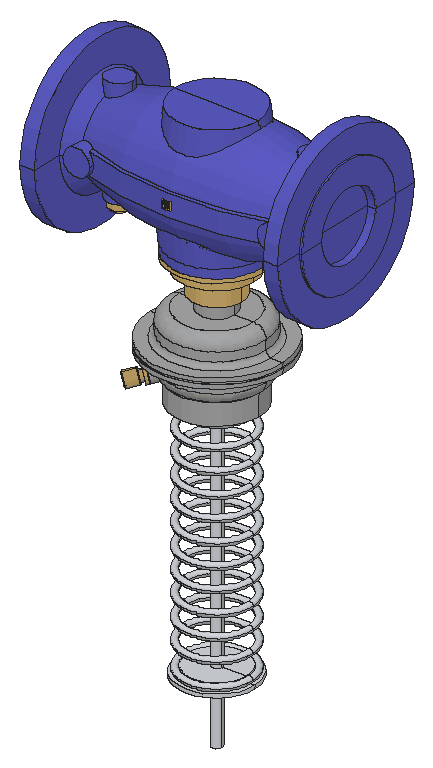
Revit family "Differenzdruckregler F_4007_20-80kPa_HF", category Rohrzubehör, Revit 2021
Family settings
  Bemaßung runder Anschluss = Durchmesser verwenden
  Teiletyp = Unterbricht
  OmniClass-Nummer = 23.65.55.14
  OmniClass-Titel = Valves for Liquid Services
  Arbeitsebenenbasiert = Nein
  Immer vertikal = Ja
  Beim Laden mit Abzugskörper schneiden = Nein
  Gemeinsam genutzt = Nein
Parameters
  Vorgabe-Ansicht = 0 mm
  Min. Betriebstemperatur (Frostschutz) = -10 °C  # constant formula
  Min. Betriebstemperatur = 2 °C  # constant formula
  Max. Betriebsdruck = 1600000.0 Pa  # constant formula
  Max. Betriebstemperatur = 110 °C  # constant formula
  URL = "www.herz-armaturen.at"
  Sollwertfeder = "EN 10270-1-SH"  # constant formula
  SCRNSEQ = "ARM;ARM_TYP=\"DIFR\";2"
  SCRNCODE = "05;03;02"  # constant formula
  S02 [instance] = H03 + H13  # 141 mm
  S01 [instance] = (2 * H02) + (2 * H04) + H05  # 72.7 mm
  R99 = 14 mm  # constant formula
  R98 = 6 mm  # constant formula
  R97 = 2 mm  # constant formula
  R02 = 15.5 mm  # constant formula
  R01 [instance] = size_lookup("4007_F_20-80_HF", "R1", 45.5 mm, Nennweite)  # 63.5 mm
  R00 [instance] = size_lookup("4007_F_20-80_HF", "R", 53 mm, Nennweite)  # 70 mm
  Nennweite [instance] = 80 mm
  Membrane und O-Ringe = "EPDM"  # constant formula
  Medium = "Die Verwendung von Ethylen- und Propylenglykol ist im Mischungsverhältnis 25 - 50 % zulässig. Heizwasserqualität entsprechend ÖNORM H 5195 bzw. VDI-Richtlinie 2035"
  L05 [instance] = L04 - 6.3 mm  # 114.7 mm
  L04 [instance] = size_lookup("4007_F_20-80_HF", "L4", 81 mm, Nennweite)  # 121 mm
  L03 = 10 mm  # constant formula
  L02 [instance] = size_lookup("4007_F_20-80_HF", "L2", 15 mm, Nennweite)  # 17 mm
  L01 = 3 mm  # constant formula
  L00 [instance] = size_lookup("4007_F_20-80_HF", "L", 115 mm, Nennweite)  # 155 mm
  Hersteller = "HERZ Armaturen Ges.m.b.H."  # constant formula
  H19 [instance] = size_lookup("4007_F_20-80_HF", "H19", 9 mm, Nennweite)  # 603 mm
  H18 [instance] = H19 - 75 mm  # 528 mm
  H17 = 6 mm  # constant formula
  H16 = 10 mm  # constant formula
  H15 = 24.5 mm  # constant formula
  H14 = 5 mm  # constant formula
  H13 = 17 mm  # constant formula
  H12 [instance] = R00 + 4 mm  # 74 mm
  H11 [instance] = R00 + 10 mm  # 80 mm
  H10 = 5 mm  # constant formula
  H09 [instance] = size_lookup("4007_F_20-80_HF", "H9", 9 mm, Nennweite)  # 11 mm
  H08 = 21 mm  # constant formula
  H07 [instance] = R00 + 23.4 mm  # 93.4 mm
  H06 [instance] = D12 + 15 mm  # 63.5 mm
  H05 = 2.5 mm  # constant formula
  H04 = 4.6 mm  # constant formula
  H03 [instance] = H08 + H09 + H10 + H11 + H14 + R97  # 124 mm
  H02 [instance] = size_lookup("4007_F_20-80_HF", "H2", 30.5 mm, Nennweite)  # 30.5 mm
  H01 [instance] = size_lookup("4007_F_20-80_HF", "H1", 210 mm, Nennweite)  # 226 mm
  Gehäuse = "Grauguss GJL250 nach EN 1561"  # constant formula
  Differenzdruck Einstellbereich = "20-80 kPa"  # constant formula
  DN80 [instance] = Nennweite = 80 mm  # yes
  D17 = 6 mm  # constant formula
  D16 = 45 mm  # constant formula
  D15 = 35 mm  # constant formula
  D14 = 50 mm  # constant formula
  D13 [instance] = D11 + 10 mm  # 59 mm
  D12 [instance] = R01 - 15 mm  # 48.5 mm
  D11 [instance] = size_lookup("4007_F_20-80_HF", "D11", 40 mm, Nennweite)  # 49 mm
  D10 [instance] = D11 + 5 mm  # 54 mm
  D09 [instance] = D11 - 5 mm  # 44 mm
  D08 = 24 mm  # constant formula
  D07 = 29.5 mm  # constant formula
  D06 [instance] = size_lookup("4007_F_20-80_HF", "D6", 51 mm, Nennweite)  # 57.8 mm
  D05 [instance] = D04 - 1 mm  # 77 mm
  D04 [instance] = size_lookup("4007_F_20-80_HF", "D4", 51 mm, Nennweite)  # 78 mm
  D03 = 21 mm  # constant formula
  D02 [instance] = Nennweite / 2  # 40 mm
  D01 [instance] = size_lookup("4007_F_20-80_HF", "D1", 51 mm, Nennweite)  # 69 mm
  D00 [instance] = size_lookup("4007_F_20-80_HF", "D", 82.5 mm, Nennweite)  # 100 mm
  Bestellnummer [instance] = if(Nennweite = 80 mm, "F400738", "0")  # "F400738"
  Ausführung = "Der Differenzdruckregler ist ein Proportionalregler in Geradsitzausführung und arbeitet ohne Hilfsenergie für Zweirohranlagen. Der gewünschte Differenzdruck- Sollwert kann zwischen 20 und 80 kPa stufenlos eingestellt werden."
  Anwendung = "Für Heizungs- und Kühlanlagen um den Differenzdruck innerhalb des regeltechnischen Bereiches konstant zu halten."
  Anschlussflansch = "EN 1092-2"  # constant formula
Reference planes
  plane 1 "Mitte (Vorne/hinten)": y = 0
  plane 2: z = -0.015
  plane 3 "Mitte (Links/rechts)": x = 0
Forms (mm)
  Revolve 1, solid, material "Herz-Marineblau", detail levels fine
    sketch origin (1065, 0, 0) x (1, 0, 0) y (0, 1, 0)
      loop
        line (-1217, 100) -> (-1217, 69) -> (-1220, 69) -> (-1220, 40) -> (-1210, 40) -> (-1210, 0) -> (-920, 0) -> (-920, 40) -> (-910, 40) -> (-910, 69) -> (-913, 69) -> (-913, 100) -> (-930, 100) -> (-930, 63.5) -> (-944, 48.5)
        arc (-944, 48.5) -> (-1065, 70) -> (-1186, 48.5) r 351.238
        line (-1186, 48.5) -> (-1200, 63.5) -> (-1200, 100) -> (-1217, 100)
      axis (-1220, 0) -> (-910, 0)
    angle from 0 to 360
  Extrusion 2, solid, material "Herz-Marineblau", detail levels fine
    sketch origin (0, 0, 0) x (1, 0, 0) y (0, 1, 0)
      loop
        circle (-114.7, 0) r 15.5
      loop
        circle (114.7, 0) r 15.5
    from -63.515 to 63.485
  Extrusion 3, solid, material "Herz-Marineblau", detail levels fine
    sketch origin (0, 0, 0) x (-1, 0, 0) y (0, 0, -1)
      loop
        circle (114.7, 0) r 15.5
      loop
        circle (-114.7, 0) r 15.5
    from -63.5 to 63.5
  Revolve 4, solid, material "Herz-Marineblau", detail levels fine
    sketch origin (92.737, 0, -45.97) x (1, 0, 0) y (0, 0, 1)
      loop
        line (-92.737, 119.955) -> (-92.737, -34.045) -> (-38.737, -34.045) -> (-38.737, -24.045) -> (-33.737, 45.97) -> (-43.737, 119.955) -> (-92.737, 119.955)
      axis (-92.737, 119.955) -> (-92.737, -34.045)
    angle from 0 to 360
  Revolve 5, solid, material "Messing", detail levels fine
    sketch origin (446.725, 0, 35.707) x (1, 0, 0) y (0, 0, 1)
      loop
        line (-446.725, -115.722) -> (-446.725, -159.722) -> (-417.225, -159.722) -> (-417.225, -138.722) -> (-422.725, -138.722) -> (-422.725, -133.722) -> (-402.725, -133.722) -> (-402.725, -122.722)
        arc (-402.725, -122.722) -> (-402.14, -121.308) -> (-400.725, -120.722) r 2
        line (-400.725, -120.722) -> (-392.725, -120.722) -> (-392.725, -115.722) -> (-446.725, -115.722)
      axis (-446.725, -159.722) -> (-446.725, -115.722)
    angle from 0 to 360
  Revolve 6, solid, material "Aluminium", detail levels fine
    sketch origin (925.114, 0, 19.41) x (1, 0, 0) y (0, 0, 1)
      loop
        line (-925.114, -143.425) -> (-925.114, -257.625) -> (-875.114, -257.625) -> (-875.114, -233.125) -> (-881.314, -233.125)
        arc (-881.314, -233.125) -> (-871.414, -229.025) -> (-867.314, -219.125) r 14
        line (-867.314, -219.125) -> (-867.314, -208.625)
        arc (-867.314, -208.625) -> (-865.556, -204.383) -> (-861.314, -202.625) r 6
        line (-861.314, -202.625) -> (-847.114, -202.625) -> (-847.114, -198.025) -> (-848.114, -198.025) -> (-848.114, -195.525) -> (-847.114, -195.525) -> (-847.114, -190.925) -> (-861.314, -190.925)
        arc (-861.314, -190.925) -> (-865.556, -189.168) -> (-867.314, -184.925) r 6
        line (-867.314, -184.925) -> (-867.314, -174.425)
        arc (-867.314, -174.425) -> (-871.414, -164.526) -> (-881.314, -160.425) r 14
        line (-881.314, -160.425) -> (-904.114, -160.425) -> (-904.114, -143.425) -> (-925.114, -143.425)
      axis (-925.114, -143.425) -> (-925.114, -257.625)
    angle from 0 to 360
  Extrusion 7, solid, material "Herz-Marineblau", visible <- "DN80", detail levels fine
    sketch origin (0, 0, 0) x (1, 0, 0) y (0, 1, 0)
      loop
        arc (-114.7, -54.973) -> (0, -74) -> (114.7, -54.973) r 355.238
        line (114.7, -54.973) -> (114.7, 54.973)
        arc (114.7, 54.973) -> (0, 74) -> (-114.7, 54.973) r 355.238
        line (-114.7, 54.973) -> (-114.7, -54.973)
    from -12.5 to 12.5
  Revolve 8, solid, detail levels fine
    sketch origin (0, 0, 0) x (1, 0, 0) y (0, 0, 1)
      loop
        line (0, -528.015) -> (45, -528.015) -> (45, -524.015) -> (35, -524.015) -> (35, -518.015) -> (0, -518.015) -> (0, -528.015)
      axis (0, -518.015) -> (0, -528.015)
    angle from 0 to 360
  Revolve 9, solid, detail levels fine
    sketch origin (0, 0, 0) x (1, 0, 0) y (0, 0, 1)
      loop
        line (0, -223.015) -> (0, -603.015) -> (6, -603.015) -> (6, -223.015) -> (0, -223.015)
      axis (0, -223.015) -> (0, -603.015)
    angle from 0 to 360
  Sweep 10, solid, visible <- "DN80", detail levels fine
    path in 3D
      loop
        arc (-39, 0, -241.715) -> (0, -39, -241.715) -> (39, 0, -241.715) r 39
        arc (39, 0, -241.715) -> (0, 39, -241.715) -> (-39, 0, -241.715) r 39
    profile origin (0, 39, -241.715) x (0, -1, 0) y (0, 0, 1)
      loop
        circle (0, 0) r 3.5
  Sweep 11, solid, visible <- "DN80", detail levels fine
    path in 3D
      loop
        arc (-39, 0, -266.715) -> (0, -39, -266.715) -> (39, 0, -266.715) r 39
        arc (39, 0, -266.715) -> (0, 39, -266.715) -> (-39, 0, -266.715) r 39
    profile origin (0, 39, -266.715) x (0, -1, 0) y (0, 0, 1)
      loop
        circle (0, 0) r 3.5
  Sweep 12, solid, visible <- "DN80", detail levels fine
    path in 3D
      loop
        arc (-39, 0, -291.715) -> (0, -39, -291.715) -> (39, 0, -291.715) r 39
        arc (39, 0, -291.715) -> (0, 39, -291.715) -> (-39, 0, -291.715) r 39
    profile origin (0, 39, -291.715) x (0, -1, 0) y (0, 0, 1)
      loop
        circle (0, 0) r 3.5
  Sweep 13, solid, visible <- "DN80", detail levels fine
    path in 3D
      loop
        arc (-39, 0, -316.715) -> (0, -39, -316.715) -> (39, 0, -316.715) r 39
        arc (39, 0, -316.715) -> (0, 39, -316.715) -> (-39, 0, -316.715) r 39
    profile origin (0, 39, -316.715) x (0, -1, 0) y (0, 0, 1)
      loop
        circle (0, 0) r 3.5
  Sweep 14, solid, visible <- "DN80", detail levels fine
    path in 3D
      loop
        arc (-39, 0, -341.715) -> (0, -39, -341.715) -> (39, 0, -341.715) r 39
        arc (39, 0, -341.715) -> (0, 39, -341.715) -> (-39, 0, -341.715) r 39
    profile origin (0, 39, -341.715) x (0, -1, 0) y (0, 0, 1)
      loop
        circle (0, 0) r 3.5
  Sweep 15, solid, visible <- "DN80", detail levels fine
    path in 3D
      loop
        arc (-39, 0, -366.715) -> (0, -39, -366.715) -> (39, 0, -366.715) r 39
        arc (39, 0, -366.715) -> (0, 39, -366.715) -> (-39, 0, -366.715) r 39
    profile origin (0, 39, -366.715) x (0, -1, 0) y (0, 0, 1)
      loop
        circle (0, 0) r 3.5
  Sweep 16, solid, visible <- "DN80", detail levels fine
    path in 3D
      loop
        arc (-39, 0, -391.715) -> (0, -39, -391.715) -> (39, 0, -391.715) r 39
        arc (39, 0, -391.715) -> (0, 39, -391.715) -> (-39, 0, -391.715) r 39
    profile origin (0, 39, -391.715) x (0, -1, 0) y (0, 0, 1)
      loop
        circle (0, 0) r 3.5
  Sweep 17, solid, visible <- "DN80", detail levels fine
    path in 3D
      loop
        arc (-39, 0, -416.715) -> (0, -39, -416.715) -> (39, 0, -416.715) r 39
        arc (39, 0, -416.715) -> (0, 39, -416.715) -> (-39, 0, -416.715) r 39
    profile origin (0, 39, -416.715) x (0, -1, 0) y (0, 0, 1)
      loop
        circle (0, 0) r 3.5
  Sweep 18, solid, visible <- "DN80", detail levels fine
    path in 3D
      loop
        arc (-39, 0, -441.715) -> (0, -39, -441.715) -> (39, 0, -441.715) r 39
        arc (39, 0, -441.715) -> (0, 39, -441.715) -> (-39, 0, -441.715) r 39
    profile origin (0, 39, -441.715) x (0, -1, 0) y (0, 0, 1)
      loop
        circle (0, 0) r 3.5
  Sweep 19, solid, visible <- "DN80", detail levels fine
    path in 3D
      loop
        arc (-39, 0, -466.715) -> (0, -39, -466.715) -> (39, 0, -466.715) r 39
        arc (39, 0, -466.715) -> (0, 39, -466.715) -> (-39, 0, -466.715) r 39
    profile origin (0, 39, -466.715) x (0, -1, 0) y (0, 0, 1)
      loop
        circle (0, 0) r 3.5
  Sweep 20, solid, visible <- "DN80", detail levels fine
    path in 3D
      loop
        arc (-39, 0, -491.715) -> (0, -39, -491.715) -> (39, 0, -491.715) r 39
        arc (39, 0, -491.715) -> (0, 39, -491.715) -> (-39, 0, -491.715) r 39
    profile origin (0, 39, -491.715) x (0, -1, 0) y (0, 0, 1)
      loop
        circle (0, 0) r 3.5
  Sweep 21, solid, visible <- "DN80", detail levels fine
    path in 3D
      loop
        arc (-39, 0, -520.215) -> (0, -39, -520.215) -> (39, 0, -520.215) r 39
        arc (39, 0, -520.215) -> (0, 39, -520.215) -> (-39, 0, -520.215) r 39
    profile origin (0, 39, -520.215) x (0, -1, 0) y (0, 0, 1)
      loop
        circle (0, 0) r 3.5
  Revolve 22, solid, material "Messing, weicher Gelbton, geschweißt", visible <- "DN80", detail levels fine
    sketch origin (4.806, 4.796, -1.426) x (-0.707107, -0.707107, 0) y (0, 0, -1)
      loop
        line (70.524, 205.006) -> (72.604, 195.224) -> (76.516, 196.056) -> (75.643, 200.164) -> (80.534, 201.204) -> (81.133, 198.384) -> (94.817, 201.293) -> (95.511, 202.887) -> (94, 209.996) -> (70.524, 205.006)
      axis (94, 209.996) -> (70.524, 205.006)
    angle from 0 to 360
  Revolve 23, solid, material "Aluminium", visible <- "DN80", detail levels fine
    sketch origin (-31.256, -31.266, -12.266) x (-0.707107, -0.707107, 0) y (0, 0, -1)
      loop
        line (19.524, 194.165) -> (-44.055, 180.651) -> (-42.08, 171.359) -> (21.5, 184.873) -> (19.524, 194.165)
      axis (-44.055, 180.651) -> (19.524, 194.165)
    angle from 0 to 360
  Revolve 24, solid, material "Messing, weicher Gelbton, geschweißt", detail levels fine
    sketch origin (-10, 0, -8) x (1, 0, 0) y (0, 0, 1)
      loop
        line (-104.7, -55.515) -> (-116.7, -55.515) -> (-116.7, -64.515) -> (-113.7, -64.515) -> (-113.7, -68.015) -> (-104.7, -68.015) -> (-104.7, -55.515)
      axis (-104.7, -68.015) -> (-104.7, -55.515)
    angle from 0 to 360
  Revolve 25, solid, material "Messing, weicher Gelbton, geschweißt", detail levels fine
    sketch origin (10, 0, -8) x (-1, 0, 0) y (0, 0, -1)
      loop
        line (-104.7, 55.515) -> (-104.7, 68.015) -> (-113.7, 68.015) -> (-113.7, 64.515) -> (-116.7, 64.515) -> (-116.7, 55.515) -> (-104.7, 55.515)
      axis (-104.7, 68.015) -> (-104.7, 55.515)
    angle from 0 to 360
Lines and regions (mm)
  sketch lines
    curve 1: circle (0, 0, -241.715) r 39 normal (0, 0, 1)
    curve 2: circle (0, 0, -266.715) r 39 normal (0, 0, 1)
    curve 3: circle (0, 0, -291.715) r 39 normal (0, 0, 1)
    curve 4: circle (0, 0, -316.715) r 39 normal (0, 0, 1)
    curve 5: circle (0, 0, -341.715) r 39 normal (0, 0, 1)
    curve 6: circle (0, 0, -366.715) r 39 normal (0, 0, 1)
    curve 7: circle (0, 0, -391.715) r 39 normal (0, 0, 1)
    curve 8: circle (0, 0, -416.715) r 39 normal (0, 0, 1)
    curve 9: circle (0, 0, -441.715) r 39 normal (0, 0, 1)
    curve 10: circle (0, 0, -466.715) r 39 normal (0, 0, 1)
    curve 11: circle (0, 0, -491.715) r 39 normal (0, 0, 1)
    curve 12: circle (0, 0, -520.215) r 39 normal (0, 0, 1)
  model lines, visible <- "DN80", detail levels fine
    curve 13: line (-39, 0, -238.215) -> (39, 0, -238.215)
  model lines, detail levels coarse+medium
    curve 14: line (-155, 0, 99.985) -> (-155, 0, -100.015)
    curve 15: line (-155, 0, -100.015) -> (155, 0, 99.985)
    curve 16: line (155, 0, 99.985) -> (155, 0, -100.015)
    curve 17: line (155, 0, -100.015) -> (-155, 0, 99.985)
    curve 18: line (-77.5, 0, -50.015) -> (0, 0, -100.015)
    curve 19: line (0, 0, -100.015) -> (77.5, 0, -50.015)
    curve 20: line (0, 0, -100.015) -> (0, 0, -141.015)
    curve 21: spline (-78, 0, -177.365) -> (-75.342, 0, -167.957) -> (-67.55, 0, -159.19) -> (-55.154, 0, -151.662) -> (-39, 0, -145.885) -> (-20.188, 0, -142.254) -> (0, 0, -141.015) -> (20.188, 0, -142.254) -> (39, 0, -145.885) -> (55.154, 0, -151.662) -> (67.55, 0, -159.19) -> (75.342, 0, -167.957) -> (78, 0, -177.365) -> (75.342, 0, -186.773) -> (67.55, 0, -195.54) -> (55.154, 0, -203.069) -> (39, 0, -208.845) -> (20.188, 0, -212.477) -> (0, 0, -213.715) -> (-20.188, 0, -212.477) -> (-39, 0, -208.845) -> (-55.154, 0, -203.069) -> (-67.55, 0, -195.54) -> (-75.342, 0, -186.773) -> (-78, 0, -177.365)
    curve 22: line (-155, 100, 0) -> (-155, -100, 0)
    curve 23: line (-155, -100, 0) -> (155, 100, 0)
    curve 24: line (155, 100, 0) -> (155, -100, 0)
    curve 25: line (155, -100, 0) -> (-155, 100, 0)
    curve 26: line (-77.5, -50, 0) -> (0, -100, 0)
    curve 27: line (0, -100, 0) -> (77.5, -50, 0)
    curve 28: line (0, -100, 0) -> (0, -141, 0)
    curve 29: spline (-78, -177.35, 0) -> (-75.342, -167.942, 0) -> (-67.55, -159.175, 0) -> (-55.154, -151.647, 0) -> (-39, -145.87, 0) -> (-20.188, -142.239, 0) -> (0, -141, 0) -> (20.188, -142.239, 0) -> (39, -145.87, 0) -> (55.154, -151.647, 0) -> (67.55, -159.175, 0) -> (75.342, -167.942, 0) -> (78, -177.35, 0) -> (75.342, -186.758, 0) -> (67.55, -195.525, 0) -> (55.154, -203.053, 0) -> (39, -208.83, 0) -> (20.188, -212.461, 0) -> (0, -213.7, 0) -> (-20.188, -212.461, 0) -> (-39, -208.83, 0) -> (-55.154, -203.053, 0) -> (-67.55, -195.525, 0) -> (-75.342, -186.758, 0) -> (-78, -177.35, 0)
Dimensions and locks
  "H06": Extrusion 3 to plane 1 "Mitte (Vorne/hinten)" to Extrusion 3  (x2)
  "L02": Revolve 1 sketch curve to Revolve 1 sketch curve  (x2)
  "L01": Revolve 1 sketch curve to Revolve 1 sketch curve  (x2)
  "L00": Revolve 1 sketch curve to plane 3 "Mitte (Links/rechts)" to Revolve 1 sketch curve
  "L03": Revolve 1 sketch curve to Revolve 1 sketch curve  (x2)
  "D02": plane 1 "Mitte (Vorne/hinten)" to Revolve 1 sketch curve  (x2)
  "L04": plane 3 "Mitte (Links/rechts)" to Revolve 1 sketch curve
  "R01": plane 1 "Mitte (Vorne/hinten)" to Revolve 1 sketch curve
  "D01": plane 1 "Mitte (Vorne/hinten)" to Revolve 1 sketch curve  (x2)
  "D00": plane 1 "Mitte (Vorne/hinten)" to Revolve 1 sketch curve  (x2)
  "H06": Extrusion 2 to plane 2 to Extrusion 2  (x2)
  "L04": Revolve 1 sketch curve to plane 3 "Mitte (Links/rechts)"
  "R00": Revolve 1 sketch curve to Revolve 1 sketch curve
  "R01": Revolve 1 sketch curve to Revolve 1 sketch curve
  "D05": Revolve 6 sketch curve to Revolve 6 sketch curve
  "D04": Revolve 6 sketch curve to Revolve 6 sketch curve  (x2)
  "H04": Revolve 6 sketch curve to Revolve 6 sketch curve  (x2)
  "H05": Revolve 6 sketch curve to Revolve 6 sketch curve
  "H02": Revolve 6 sketch curve to Revolve 6 sketch curve  (x2)
  "H03": plane 2 to Revolve 6 sketch curve
  "D06": Revolve 6 sketch curve to Revolve 6 sketch curve
  "D03": Revolve 6 sketch curve to Revolve 6 sketch curve
  "D07": Revolve 5 sketch curve to Revolve 5 sketch curve
  "D08": Revolve 5 sketch curve to Revolve 5 sketch curve
  "H08": Revolve 5 sketch curve to Revolve 5 sketch curve
  "D09": Revolve 5 sketch curve to Revolve 5 sketch curve
  "D10": Revolve 5 sketch curve to Revolve 5 sketch curve
  "H10": Revolve 5 sketch curve to Revolve 5 sketch curve
  "H11": plane 2 to Revolve 4 sketch curve
  "H11": plane 2 to Revolve 5 sketch curve
  "D10": Revolve 4 sketch curve to Revolve 4 sketch curve
  "H12": Revolve 4 sketch curve to plane 2
  "L05": Extrusion 2 sketch curve to plane 3 "Mitte (Links/rechts)"
  "L05": plane 3 "Mitte (Links/rechts)" to Extrusion 2 sketch curve
  "L05": plane 3 "Mitte (Links/rechts)" to Extrusion 3 sketch curve
  "L05": Extrusion 3 sketch curve to plane 3 "Mitte (Links/rechts)"
  "D12": Revolve 1 sketch curve to Revolve 1 sketch curve  (x2)
  "D06": plane 3 "Mitte (Links/rechts)" to Revolve 6 sketch curve
  "R00": plane 2 to Revolve 4 sketch curve
  "D11": Revolve 4 sketch curve to Revolve 4 sketch curve
  "D13": Revolve 4 sketch curve to Revolve 4 sketch curve
  "H13": Revolve 6 sketch curve to Revolve 6 sketch curve
  "H14": Revolve 5 sketch curve to Revolve 5 sketch curve
  "H09": Revolve 5 sketch curve to Revolve 5 sketch curve
  "H03": plane 2 to Revolve 5 sketch curve
  "D14": Revolve 6 sketch curve to plane 3 "Mitte (Links/rechts)"
  "H15": Revolve 6 sketch curve to Revolve 6 sketch curve
  "H16": Revolve 8 sketch curve to Revolve 8 sketch curve
  "D15": Revolve 8 sketch curve to Revolve 8 sketch curve
  "D16": Revolve 8 sketch curve to Revolve 8 sketch curve
  "H17": Revolve 8 sketch curve to Revolve 8 sketch curve
  "D17": Revolve 9 sketch curve to Revolve 9 sketch curve
  "L00": curve 14 to plane 3 "Mitte (Links/rechts)" to curve 16
  "D00": curve 17 to plane 2 to curve 15
  "D00": curve 16 to plane 2 to curve 17
  equal spacing: plane 3 "Mitte (Links/rechts)", curve 18, curve 15
  equal spacing: curve 17, curve 19, plane 3 "Mitte (Links/rechts)"
  "D00": plane 2 to curve 19
  "S02": plane 2 to curve 20
  "D04": plane 3 "Mitte (Links/rechts)" to curve 21
  "S01": curve 21 to curve 21
  "S02": plane 2 to curve 21
  "L00": curve 22 to plane 3 "Mitte (Links/rechts)" to curve 24
  "D00": curve 23 to plane 1 "Mitte (Vorne/hinten)" to curve 25
  "D00": curve 25 to plane 1 "Mitte (Vorne/hinten)" to curve 24
  equal spacing: plane 3 "Mitte (Links/rechts)", curve 26, curve 23
  equal spacing: plane 3 "Mitte (Links/rechts)", curve 27, curve 25
  "D00": curve 27 to plane 1 "Mitte (Vorne/hinten)"
  "S02": curve 28 to plane 1 "Mitte (Vorne/hinten)"
  "S01": curve 29 to curve 29
  "D04": curve 29 to plane 3 "Mitte (Links/rechts)"
  "S02": curve 29 to plane 1 "Mitte (Vorne/hinten)"
  "H19": plane 2 to Revolve 9 sketch curve
  "H18": plane 2 to Revolve 8 sketch curve
  Revolve 24 sketch curve to Revolve 24 sketch curve = 9 mm  (x2)
  Revolve 24 sketch curve to Revolve 24 sketch curve = 12.5 mm
  Revolve 24 sketch curve to Revolve 24 sketch curve = 12 mm
  "L05": plane 3 "Mitte (Links/rechts)" to Revolve 24 sketch curve
  "H06": plane 2 to Revolve 24 sketch curve
  Revolve 25 sketch curve to Revolve 25 sketch curve = 9 mm  (x2)
  Revolve 25 sketch curve to Revolve 25 sketch curve = 12.5 mm
  Revolve 25 sketch curve to Revolve 25 sketch curve = 12 mm
  "L05": Revolve 25 sketch curve to plane 3 "Mitte (Links/rechts)"
  "H06": plane 2 to Revolve 25 sketch curve
  "R99": radius of Revolve 6 sketch curve  (x2)
  "R98": radius of Revolve 6 sketch curve  (x2)
  "R02": radius of Extrusion 2 sketch curve  (x2)
  "R02": radius of Extrusion 3 sketch curve  (x2)
  "R97": radius of Revolve 5 sketch curve
  aligned and locked: level to plane 2
Automatic sketch dimensions
  Extrusion 7 sketch curve to plane 3 "Mitte (Links/rechts)" = 0 mm  (x2)
  plane 1 "Mitte (Vorne/hinten)" to Extrusion 7 sketch curve = 54.973 mm
  Extrusion 7 sketch curve to plane 3 "Mitte (Links/rechts)" = 114.7 mm
  Extrusion 7 sketch curve to plane 1 "Mitte (Vorne/hinten)" = 54.973 mm
  plane 3 "Mitte (Links/rechts)" to Extrusion 7 sketch curve = 114.7 mm
  Extrusion 7 sketch curve to Extrusion 7 sketch curve = 226.265 mm  (x2)
  Sweep 10 sketch curve to profile plane = 0 mm  (x2)
  Sweep 11 sketch curve to profile plane = 0 mm  (x2)
  Sweep 12 sketch curve to profile plane = 0 mm  (x2)
  Sweep 13 sketch curve to profile plane = 0 mm  (x2)
  Sweep 14 sketch curve to profile plane = 0 mm  (x2)
  Sweep 15 sketch curve to profile plane = 0 mm  (x2)
  Sweep 16 sketch curve to profile plane = 0 mm  (x2)
  Sweep 17 sketch curve to profile plane = 0 mm  (x2)
  Sweep 18 sketch curve to profile plane = 0 mm  (x2)
  Sweep 19 sketch curve to profile plane = 0 mm  (x2)
  Sweep 20 sketch curve to profile plane = 0 mm  (x2)
  Sweep 21 sketch curve to profile plane = 0 mm  (x2)
  curve 13 to plane 3 "Mitte (Links/rechts)" = 39 mm
  plane 3 "Mitte (Links/rechts)" to curve 13 = 39 mm
  curve 13 to plane 2 = 238.2 mm
  Revolve 22 sketch curve to plane 2 = 206.416 mm
  Revolve 22 sketch curve to plane 2 = 196.635 mm
  Revolve 22 sketch curve to Revolve 22 sketch curve = 2.079 mm
  Revolve 22 sketch curve to plane 2 = 201.575 mm
  Revolve 22 sketch curve to Revolve 22 sketch curve = 3.039 mm
  Revolve 22 sketch curve to plane 2 = 202.614 mm
  Revolve 22 sketch curve to plane 2 = 199.795 mm
  Revolve 22 sketch curve to plane 2 = 211.406 mm
  Revolve 22 sketch curve to plane 2 = 202.704 mm
  Revolve 22 sketch curve to plane 2 = 204.297 mm
  Revolve 22 sketch curve to plane 2 = 206.419 mm
  Revolve 22 sketch curve to Revolve 22 sketch curve = 0.015 mm
  Revolve 22 sketch curve to plane 2 = 208.733 mm
  Revolve 22 sketch curve to Revolve 22 sketch curve = 0.89 mm
  Revolve 23 sketch curve to plane 2 = 192.902 mm
  Revolve 23 sketch curve to plane 2 = 183.61 mm
  Revolve 23 sketch curve to Revolve 23 sketch curve = 1.975 mm
  Revolve 23 sketch curve to plane 2 = 206.416 mm
  Revolve 23 sketch curve to plane 2 = 202.266 mm
  Revolve 23 sketch curve to Revolve 23 sketch curve = 19.524 mm
  Revolve 23 sketch curve to plane 2 = 217.257 mm
  Revolve 23 sketch curve to Revolve 23 sketch curve = 51 mm
  curve 21 to plane 3 "Mitte (Links/rechts)" = 0 mm
  curve 20 to plane 3 "Mitte (Links/rechts)" = 0 mm
  curve 29 to plane 3 "Mitte (Links/rechts)" = 0 mm
  curve 28 to plane 3 "Mitte (Links/rechts)" = 0 mm
  plane 1 "Mitte (Vorne/hinten)" to Revolve 1 sketch curve = 0 mm  (x2)
  Revolve 1 sketch curve to Revolve 1 sketch curve = 35 mm
  Revolve 1 sketch curve to Revolve 1 sketch curve = 40 mm
  plane 1 "Mitte (Vorne/hinten)" to Extrusion 2 sketch curve = 0 mm  (x2)
  Extrusion 3 sketch curve to level = 0 mm  (x2)
  Revolve 4 sketch curve to plane 3 "Mitte (Links/rechts)" = 0 mm  (x2)
  Revolve 4 sketch curve to level = 0 mm
  Revolve 4 sketch curve to plane 2 = 25.895 mm
  level to Revolve 4 sketch curve = 24.09 mm
  Revolve 5 sketch curve to plane 3 "Mitte (Links/rechts)" = 0 mm  (x2)
  Revolve 5 sketch curve to Revolve 5 sketch curve = 8.988 mm
  Revolve 5 sketch curve to Revolve 5 sketch curve = 0 mm
  Revolve 6 sketch curve to plane 3 "Mitte (Links/rechts)" = 0 mm  (x2)
  Revolve 6 sketch curve to Revolve 6 sketch curve = 0 mm
  Revolve 6 sketch curve to Revolve 6 sketch curve = 9.421 mm
  plane 3 "Mitte (Links/rechts)" to Revolve 8 sketch curve = 0 mm
  Revolve 8 sketch curve to plane 3 "Mitte (Links/rechts)" = 0 mm
  Revolve 8 sketch curve to Revolve 8 sketch curve = 168.671 mm
  level to Revolve 8 sketch curve = 2214.315 mm
  Revolve 9 sketch curve to plane 3 "Mitte (Links/rechts)" = 0 mm  (x2)
  Revolve 9 sketch curve to plane 2 = 223 mm
  Revolve 9 sketch curve to Revolve 9 sketch curve = 17.86 mm
  level to Revolve 9 sketch curve = 2214.315 mm
  Revolve 24 sketch curve to Revolve 24 sketch curve = 0 mm  (x3)
  Revolve 25 sketch curve to Revolve 25 sketch curve = 0 mm  (x3)
  radius of Sweep 10 sketch curve = 3.5 mm
  radius of Sweep 11 sketch curve = 3.5 mm
  radius of Sweep 12 sketch curve = 3.5 mm
  radius of Sweep 13 sketch curve = 3.5 mm
  radius of Sweep 14 sketch curve = 3.5 mm
  radius of Sweep 15 sketch curve = 3.5 mm
  radius of Sweep 16 sketch curve = 3.5 mm
  radius of Sweep 17 sketch curve = 3.5 mm
  radius of Sweep 18 sketch curve = 3.5 mm
  radius of Sweep 19 sketch curve = 3.5 mm
  radius of Sweep 20 sketch curve = 3.5 mm
  radius of Sweep 21 sketch curve = 3.5 mm
Nested families
  nested 1: "Herz-Logo-vorne" at (-0.018, -73.982, 0) x (0, 1, 0) z (0, 0, 1), visible <- "DN80", type "Herz-Logo-vorne", detail levels fine
Connectors
  piping at (-155, 0, 0), diameter 80, driven by "Nennweite"
    settings: on Revolve 1, index 1, connector inside diameter 609.6 mm, connector length 0 mm, flow factor 0, pipe flow 0.0 L/s, pressure drop 0.0 Pa, fitting loss kfactor 0, connector angle 0.00°, fixture units 0, engagement length 0 mm, angle of deflection 0.00°, flow configuration 0, flow direction 2, fitting loss method 0, system type 29, joint type 0, gender type 0, connector reference index -1, connector utility 0, adjustable connector no, is connector primary yes, connector description ""
  piping at (155, 0, 0), diameter 80, driven by "Nennweite"
    settings: on Revolve 1, index 2, connector inside diameter 609.6 mm, connector length 0 mm, flow factor 0, pipe flow 0.0 L/s, pressure drop 0.0 Pa, fitting loss kfactor 0, connector angle 0.00°, fixture units 0, engagement length 0 mm, angle of deflection 0.00°, flow configuration 0, flow direction 1, fitting loss method 0, system type 29, joint type 0, gender type 0, connector reference index -1, connector utility 0, adjustable connector no, is connector primary no, connector description ""
Definition of nested family "Herz-Logo-vorne"
  Parameters (values of type "Herz-Logo-vorne")
    Default Elevation = 0 mm
  Reference planes
    plane 1 "Mitte (Vorne/hinten)": y = 0
    plane 2: z = 0
    plane 3 "Mitte (Links/rechts)": x = 0
  Forms (mm)
    Extrusion 1, solid
      sketch origin (0.732, -0.018, 0.017) x (0, -1, 0) y (0, 0, 1)
        loop
          line (-0.018, -4.517) -> (4.482, -4.517) -> (4.482, 4.483) -> (-4.518, 4.483) -> (-4.518, -4.517) -> (-0.018, -4.517)
        loop
          line (-0.05, -3.48) -> (3.482, -3.48) -> (3.482, 3.483) -> (-3.518, 3.483) -> (-3.518, -3.48) -> (-0.05, -3.48)
        loop
          arc (-0.018, 2.383) -> (-1.543, 3.287) -> (-3.067, 2.383) r 1.738
          arc (-3.067, 2.383) -> (-3.191, 1.899) -> (-3.067, 1.415) r 1.009
          line (-3.067, 1.415) -> (-0.018, -3.281) -> (3.032, 1.415)
          arc (3.032, 1.415) -> (3.156, 1.899) -> (3.032, 2.383) r 1.009
          arc (3.032, 2.383) -> (1.507, 3.287) -> (-0.018, 2.383) r 1.738
        loop
          arc (1.885, 1.272) -> (2.005, 1.675) -> (1.885, 2.079) r 0.74
          arc (1.885, 2.079) -> (1.265, 2.416) -> (0.644, 2.079) r 0.74
          line (0.644, 2.079) -> (-0.018, 0.97) -> (-0.679, 2.079)
          arc (-0.679, 2.079) -> (-1.3, 2.416) -> (-1.921, 2.079) r 0.74
          arc (-1.921, 2.079) -> (-2.04, 1.675) -> (-1.921, 1.272) r 0.74
          line (-1.921, 1.272) -> (-0.018, -1.658) -> (1.885, 1.272)
      from 0 to 1.5
  Dimensions and locks
    aligned and locked: level to plane 2
